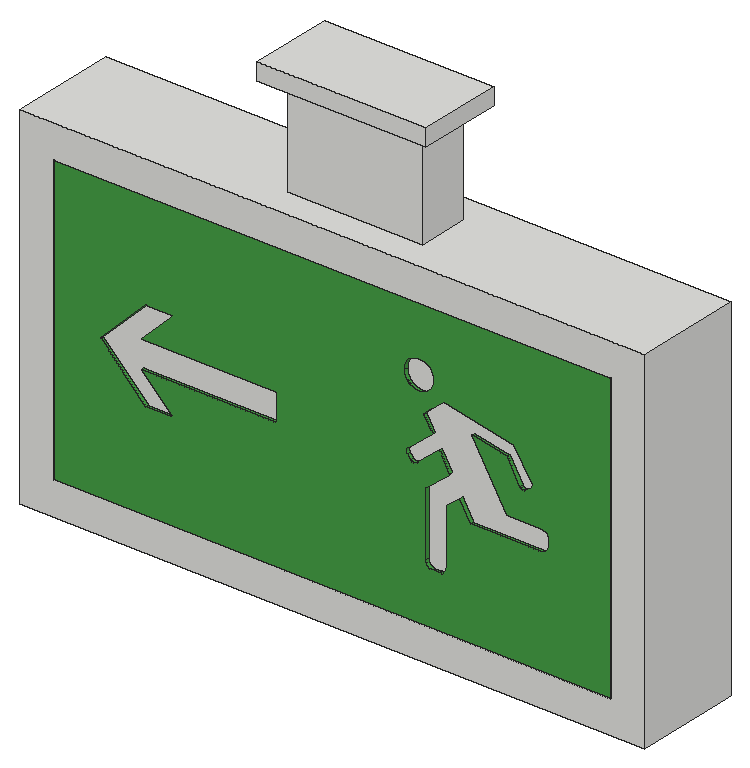
Revit family "T93061A Kubus65 M LED 32m 2-s stål Alog_Tak", category Lighting Fixtures, Revit 2016
Family settings
  Part Type = Normal
  Round Connector Dimension = Use Diameter
  OmniClass Number = 23.80.70.11.21
  OmniClass Title = Emergency Lighting
  Work Plane-Based = No
  Always vertical = Yes
  Cut with Voids When Loaded = No
  Light Source = Yes
  Shared = No
  Room Calculation Point = No
Parameters (values of type "MarkeringsLys (Venstre)")
  Width 1 = 30 mm  # constant formula
  Width = 63.5 mm  # constant formula
  Wattage Comments = "17 W"
  Wattage = 9.2903 W
  built-in parameter 1150110 = 1 (stored number, unit not read)
  Voltage = 230 V
  URL = ""
  Type Comments = "-UN"
  built-in parameter 1114217 = 1 (stored number, unit not read)
  Tilt Angle = 90.00°
  built-in parameter 1150109 = 1 (stored number, unit not read)
  built-in parameter 1150134 = 3
  Symbol Positive Direction [instance] = yes
  Symbol Offset Side [instance] = 0 mm
  Symbol Offset Out [instance] = 0 mm
  built-in parameter 1150113 = 1 (stored number, unit not read)
  Reference Line Out [instance] = 50 mm
  Photometric Web File = "20x42A12.ies"
  Number of Poles = 1
  NS8360 = "4431_WT2"
  Markeringslys normal = no
  Markeringslys ikke normal = yes
  MarkeringsLys Venstre = yes
  MarkeringsLys Opp = no
  MarkeringsLys Ned = no
  MarkeringsLys Høyre = no
  MarkeringsLys 45 Opp mot venstre = no
  MarkeringsLys 45 Opp mot høyre = no
  MarkeringsLys 45 Ned mot venstre = no
  MarkeringsLys 45 Ned mot høyre = no
  MarkeringsLys = yes
  built-in parameter 1150105 = 109.82 (stored number, unit not read)
  Lumens = 1380 lm
  built-in parameter 1150115 = 1 (stored number, unit not read)
  Load Classification [instance] = Other
  Model = ""
  Manufacturer = "Honeywell"
  built-in parameter 1150137 = (empty or 0)
  built-in parameter 1150139 = (empty or 0)
  Length 3 = 80 mm  # constant formula
  Length 1 = Length - 40 mm  # 330 mm
  Length = 370 mm  # constant formula
  LedeLys = no
  built-in parameter 1150112 = 1 (stored number, unit not read)
  built-in parameter 1150114 = 1 (stored number, unit not read)
  Lamp = "1"
  Keynote = "WT2"
  built-in parameter 1150132 = (empty or 0)
  built-in parameter 1150102 = (empty or 0)
  built-in parameter 1150107 = 3200 (stored number, unit not read)
  built-in parameter 1150138 = (empty or 0)
  built-in parameter 1150106 = 1.0982 (stored number, unit not read)
  Height 2 = 70 mm  # constant formula
  Height 1 = Height - 39 mm  # 170 mm
  Height = 209 mm  # constant formula
  Emit from Rectangle Width = Height  # 209 mm
  Emit from Rectangle Length = Length  # 370 mm
  Emit Shape Visible in Rendering = no
  built-in parameter 1150104 = 13.8 (stored number, unit not read)
  Dimming Lamp Color Temperature Shift = <None>
  Description = ""
  Color Filter = 16777215
  Body Material and Colour = Steel
  built-in parameter 1114218 = 1 (stored number, unit not read)
  built-in parameter 1150133 = 10 (stored number, unit not read)
  Assembly Code = "4431"
  Apparent Load = 17 VA
Types (9, lengths in mm): name | NS8360 | Markeringslys normal | Markeringslys ikke normal | MarkeringsLys Venstre | MarkeringsLys Opp | MarkeringsLys Ned | MarkeringsLys Høyre | MarkeringsLys 45 Opp mot venstre | MarkeringsLys 45 Opp mot høyre | MarkeringsLys 45 Ned mot venstre | MarkeringsLys 45 Ned mot høyre | MarkeringsLys | LedeLys | Assembly Code
  LedeLys | "4432_WT2" | yes | no | no | no | no | no | no | no | no | no | no | yes | "4432"
  MarkeringsLys (Ned) | "4431_WT2" | yes | no | no | no | yes | no | no | no | no | no | yes | no | "4431"
  MarkeringsLys (Opp) | "4431_WT2" | yes | no | no | yes | no | no | no | no | no | no | yes | no | "4431"
  MarkeringsLys (45 Ned mot høyre) | "4431_WT2" | yes | no | no | no | no | no | no | no | no | yes | yes | no | "4431"
  MarkeringsLys (45 Ned mot venstre) | "4431_WT2" | no | yes | no | no | no | no | no | no | yes | no | yes | no | "4431"
  MarkeringsLys (45 Opp mot høyre) | "4431_WT2" | yes | no | no | no | no | no | no | yes | no | no | yes | no | "4431"
  MarkeringsLys (45 Opp mot venstre) | "4431_WT2" | no | yes | no | no | no | no | yes | no | no | no | yes | no | "4431"
  MarkeringsLys (Høyre) | "4431_WT2" | yes | no | no | no | no | yes | no | no | no | no | yes | no | "4431"
  MarkeringsLys (Venstre) | "4431_WT2" | no | yes | yes | no | no | no | no | no | no | no | yes | no | "4431"
Reference planes
  plane 1 "Light Source Axis (F/B)": y = 119.961
  plane 2 "Top": z = 83
  plane 3 "Light Source Axis (L/R)": x = 0
  plane 4 "Level": z = 0
  plane 5: x = -185
  plane 6: x = 185
  plane 7: x = -165
  plane 8: x = 165
  plane 9: z = -174.5
  plane 10: z = -70
  plane 11: z = -279
  plane 12: z = -89.5
  plane 13: z = -259.5
  plane 14: y = 151.711
  plane 15: y = 88.211
  plane 16: x = -40
  plane 17: x = 40
  plane 18: y = 134.961
  plane 19: y = 104.961
  plane 20: y = 90.211
  plane 21: y = 149.711
Forms (mm)
  Extrusion 1, solid, material "Steel" <- "Body Material and Colour"
    sketch origin (0, 119.961, -31.25) x (1, 0, 0) y (0, 0, 1)
      loop
        line (-185, -38.75) -> (-185, -247.75) -> (185, -247.75) -> (185, -38.75) -> (-185, -38.75)
      loop
        line (-165, -58.25) -> (-165, -228.25) -> (165, -228.25) -> (165, -58.25) -> (-165, -58.25)
    from -31.75 to 31.75
  Extrusion 2, solid, material "Steel" <- "Body Material and Colour"
    sketch origin (0, 0, 0) x (1, 0, 0) y (0, 1, 0)
      loop
        line (-40, 134.961) -> (-40, 104.961) -> (40, 104.961) -> (40, 134.961) -> (-40, 134.961)
    from 0 to -70
  Extrusion 3, solid, material "Steel" <- "Body Material and Colour"
    sketch origin (0, 0, 0) x (0, 1, 0) y (0, 0, 1)
      loop
        line (149.711, -70) -> (90.211, -70) -> (90.211, -279) -> (149.711, -279) -> (149.711, -70)
    from -185 to 185
  Extrusion 4, solid, material "Steel" <- "Body Material and Colour"
    sketch origin (0, 0, 0) x (1, 0, 0) y (0, 1, 0)
      loop
        line (-50, 144.961) -> (-50, 94.961) -> (50, 94.961) -> (50, 144.961) -> (-50, 144.961)
    from 0 to -10
Cuts and joins
  joined: Extrusion 1, Extrusion 2, Extrusion 3, Extrusion 4
Lines and regions (mm)
  model lines, style "InvisibleLines"
    curve 1: line (0, 119.961, 0) -> (0, 169.961, 0)
  symbolic lines, style "InvisibleLines"
    curve 2: line (0, 119.961, 0) -> (0, 119.961, 50)
Dimensions and locks
  equal spacing: plane 5, plane 3 "Light Source Axis (L/R)", plane 6
  "Length": plane 5 to plane 6
  equal spacing: plane 7, plane 3 "Light Source Axis (L/R)", plane 8
  "Length 1": plane 7 to plane 8
  "Reference Line Out": plane 1 "Light Source Axis (F/B)" to curve 1
  "Height 2": plane 4 "Level" to plane 10
  "Emit from Rectangle Width": plane 10 to plane 11
  equal spacing: plane 10, plane 9, plane 11
  equal spacing: plane 12, plane 9, plane 13
  "Height 1": plane 12 to plane 13
  equal spacing: plane 14, plane 1 "Light Source Axis (F/B)", plane 15
  "Width": plane 14 to plane 15
  equal spacing: plane 16, plane 3 "Light Source Axis (L/R)", plane 17
  "Length 3": plane 16 to plane 17
  equal spacing: plane 18, plane 1 "Light Source Axis (F/B)", plane 19
  "Width 1": plane 18 to plane 19
  locked: Extrusion 4 sketch curve to plane 16 at 10
  locked: plane 17 to Extrusion 4 sketch curve at 10
  locked: plane 19 to Extrusion 4 sketch curve at 10
  locked: plane 18 to Extrusion 4 sketch curve at 10
  aligned and locked: plane 4 "Level" to level
  aligned and locked: plane 3 "Light Source Axis (L/R)" to nested 2
  aligned and locked: plane 1 "Light Source Axis (F/B)" to nested 2
  aligned and locked: Extrusion 1 sketch curve to plane 6
  aligned and locked: plane 5 to Extrusion 1 sketch curve
  aligned and locked: Extrusion 1 sketch curve to plane 7
  aligned and locked: Extrusion 1 sketch curve to plane 8
  aligned and locked: plane 9 to imposter light
  aligned and locked: imposter light to plane 3 "Light Source Axis (L/R)"
  aligned and locked: plane 1 "Light Source Axis (F/B)" to curve 1
  aligned and locked: plane 3 "Light Source Axis (L/R)" to curve 1
  aligned and locked: Extrusion 2 to plane 10
  aligned and locked: Extrusion 1 to plane 11
  aligned and locked: plane 10 to Extrusion 1
  aligned and locked: nested 1 to plane 3 "Light Source Axis (L/R)"
  aligned and locked: Extrusion 1 to Extrusion 3 sketch curve
  aligned and locked: plane 3 "Light Source Axis (L/R)" to nested 4
  aligned and locked: nested 6 to plane 3 "Light Source Axis (L/R)"
  aligned and locked: nested 6 to plane 9
  aligned and locked: plane 3 "Light Source Axis (L/R)" to nested 5
  aligned and locked: plane 9 to nested 5
  aligned and locked: nested 8 to plane 3 "Light Source Axis (L/R)"
  aligned and locked: nested 8 to plane 9
  aligned and locked: plane 9 to nested 7
  aligned and locked: plane 3 "Light Source Axis (L/R)" to nested 7
  aligned and locked: nested 9 to plane 9
  aligned and locked: nested 9 to plane 3 "Light Source Axis (L/R)"
  aligned and locked: plane 9 to nested 4
  aligned and locked: plane 3 "Light Source Axis (L/R)" to nested 3
  aligned and locked: plane 9 to nested 3
  aligned and locked: plane 9 to nested 10
  aligned and locked: plane 3 "Light Source Axis (L/R)" to nested 10
  aligned and locked: nested 11 to plane 3 "Light Source Axis (L/R)"
  aligned and locked: nested 11 to plane 9
  aligned and locked: plane 9 to nested 12
  aligned and locked: nested 13 to plane 9
  aligned and locked: plane 3 "Light Source Axis (L/R)" to nested 12
  aligned and locked: nested 13 to plane 3 "Light Source Axis (L/R)"
  aligned and locked: nested 15 to plane 9
  aligned and locked: plane 9 to nested 14
  aligned and locked: plane 3 "Light Source Axis (L/R)" to nested 14
  aligned and locked: nested 15 to plane 3 "Light Source Axis (L/R)"
  aligned and locked: plane 3 "Light Source Axis (L/R)" to nested 16
  aligned and locked: nested 17 to plane 3 "Light Source Axis (L/R)"
  aligned and locked: nested 17 to plane 9
  aligned and locked: plane 9 to nested 16
  aligned and locked: plane 17 to Extrusion 2
  aligned and locked: Extrusion 2 to plane 16
  aligned and locked: plane 18 to Extrusion 2
  aligned and locked: Extrusion 2 to plane 19
  aligned and locked: plane 14 to cut or joined group of Extrusion 1, Extrusion 2, Extrusion 3, Extrusion 4
  aligned and locked: nested 16 to plane 15
  aligned and locked: nested 17 to plane 14
  aligned and locked: Extrusion 1 sketch curve to plane 12
  aligned and locked: Extrusion 1 sketch curve to plane 13
  aligned and locked: cut or joined group of Extrusion 1, Extrusion 2, Extrusion 3, Extrusion 4 to plane 15
  aligned and locked: cut or joined group of Extrusion 1, Extrusion 2, Extrusion 3, Extrusion 4 to plane 20
  aligned and locked: plane 21 to cut or joined group of Extrusion 1, Extrusion 2, Extrusion 3, Extrusion 4
  aligned and locked: imposter light to plane 14
  aligned and locked: nested 11 to plane 14
  aligned and locked: nested 10 to plane 15
  aligned and locked: nested 13 to plane 14
  aligned and locked: nested 12 to plane 15
  aligned and locked: nested 8 to plane 14
  aligned and locked: nested 5 to plane 15
  aligned and locked: nested 15 to plane 14
  aligned and locked: nested 14 to plane 15
  aligned and locked: nested 9 to plane 14
  aligned and locked: nested 7 to plane 15
  aligned and locked: nested 1 to plane 14
  aligned and locked: nested 3 to plane 15
  aligned and locked: nested 6 to plane 14
  aligned and locked: nested 4 to plane 15
  aligned and locked: level to curve 2
  aligned and locked: curve 2 to plane 3 "Light Source Axis (L/R)"
  aligned and locked: plane 3 "Light Source Axis (L/R)" to nested 18
  aligned and locked: plane 1 "Light Source Axis (F/B)" to nested 18
Automatic sketch dimensions
  Extrusion 1 sketch curve to plane 11 = 0 mm
  Extrusion 1 sketch curve to plane 10 = 0 mm
  Extrusion 2 sketch curve to plane 3 "Light Source Axis (L/R)" = 40 mm
  plane 3 "Light Source Axis (L/R)" to Extrusion 2 sketch curve = 40 mm
  Extrusion 2 sketch curve to plane 14 = 16.75 mm
  plane 15 to Extrusion 2 sketch curve = 16.75 mm
  Extrusion 3 sketch curve to plane 11 = 0 mm
  plane 1 "Light Source Axis (F/B)" to Extrusion 3 sketch curve = 29.75 mm
  Extrusion 3 sketch curve to plane 1 "Light Source Axis (F/B)" = 29.75 mm
  plane 2 "Top" to curve 2 = 33 mm
Nested families
  nested 1: "Formula 65_ned" at (0, 149.711, -174.5), type "Formula 65"
  nested 2: "LedelysS" at (0, 119.961, 0), visible <- "LedeLys", type "Type 1"
  nested 3: "Formula 65_ned" at (0, 90.211, -174.5), visible <- "MarkeringsLys Ned", type "Formula 65"
  nested 4: "Formula 65_opp" at (0, 90.211, -174.5), visible <- "MarkeringsLys Opp", type "Formula 65"
  nested 5: "Formula 65_skrått 45 grader ned mot venstre" at (0, 90.211, -174.5), type "Formula 65"
  nested 6: "Formula 65_opp" at (0, 149.711, -174.5), type "Formula 65"
  nested 7: "Formula 65_skrått 45 grader opp mot venstre" at (0, 90.211, -174.5), type "Formula 65"
  nested 8: "Formula 65_skrått 45 grader ned mot venstre" at (0, 149.711, -174.5), type "Formula 65"
  nested 9: "Formula 65_skrått 45 grader opp mot venstre" at (0, 149.711, -174.5), type "Formula 65"
  nested 10: "Formula 65_høyre" at (0, 90.211, -174.5), type "Formula 65"
  nested 11: "Formula 65_høyre" at (0, 149.711, -174.5), type "Formula 65"
  nested 12: "Formula 65_skrått 45 grader ned mot høyre" at (0, 90.211, -174.5), type "Formula 65"
  nested 13: "Formula 65_skrått 45 grader ned mot høyre" at (0, 149.711, -174.5), type "Formula 65"
  nested 14: "Formula 65_skrått 45 grader opp mot høyre" at (0, 90.211, -174.5), type "Formula 65"
  nested 15: "Formula 65_skrått 45 grader opp mot høyre" at (0, 149.711, -174.5), type "Formula 65"
  nested 16: "Formula 65_venstre" at (0, 90.211, -174.5), type "Formula 65"
  nested 17: "Formula 65_venstre" at (0, 149.711, -174.5), type "Formula 65"
  nested 18: "MarkeringslysDobbelS" at (0, 119.961, 0), visible <- "MarkeringsLys", type "Type 1"
    with Venstre yes, Opp no, Normal no, Ikke normal yes
Connectors
  electrical at (0, 119.961, 0), driven by "Number of Poles", driven by "Load Classification", driven by "Voltage", driven by "Apparent Load"
    settings: index 1, voltage 230 V, apparent load 0 VA, apparent load phase1 17 VA, apparent load phase2 0 VA, apparent load phase3 0 VA, power factor 1, load classification "Other", number of poles 1, system type 31, power factor state 1, is connector primary yes, connector utility no, sub classification motor no, connector description ""
Definition of nested family "Formula 65_venstre"
  Parameters (values of type "Formula 65")
    Venstre = yes
    L = 205 mm
    H = 135 mm
  Reference planes
    plane 1 "Center (Front/Back)": y = 0
    plane 2: z = 0
    plane 3 "Center (Left/Right)": x = 0
    plane 4: y = -2
  Forms (mm)
    Extrusion 1, solid, visible <- "Venstre"
      sketch origin (453.48, 0, -265.275) x (1, 0, 0) y (0, 0, 1)
        loop
          line (-288.48, 350.275) -> (-618.48, 350.275) -> (-618.48, 180.275) -> (-288.48, 180.275) -> (-288.48, 350.275)
        loop
          circle (-401.951, 312.164) r 8.743
        loop
          line (-394.79, 296.785) -> (-399.349, 292.225) -> (-394.237, 283.371) -> (-408.754, 271.19)
          arc (-408.754, 271.19) -> (-409.61, 269.546) -> (-409.052, 267.778) r 2.422
          line (-409.052, 267.778) -> (-406.977, 265.304)
          arc (-406.977, 265.304) -> (-405.333, 264.448) -> (-403.565, 265.006) r 2.422
          line (-403.565, 265.006) -> (-390.139, 276.272) -> (-383.991, 265.623) -> (-398.093, 253.79) -> (-398.093, 215.253)
          arc (-398.093, 215.253) -> (-396.911, 212.399) -> (-394.056, 211.217) r 4.036
          line (-394.056, 211.217) -> (-390.02, 211.217)
          arc (-390.02, 211.217) -> (-387.166, 212.399) -> (-385.984, 215.253) r 4.036
          line (-385.984, 215.253) -> (-385.984, 248.144) -> (-377.843, 254.975) -> (-371.394, 243.805) -> (-329.475, 243.805)
          arc (-329.475, 243.805) -> (-326.621, 244.987) -> (-325.439, 247.841) r 4.036
          line (-325.439, 247.841) -> (-325.439, 251.878)
          arc (-325.439, 251.878) -> (-326.621, 254.732) -> (-329.475, 255.914) r 4.036
          line (-329.475, 255.914) -> (-350.421, 255.914) -> (-370.749, 291.125) -> (-349.745, 287.035) -> (-342.179, 273.93)
          arc (-342.179, 273.93) -> (-340.647, 272.786) -> (-338.763, 273.11) r 2.422
          line (-338.763, 273.11) -> (-335.966, 274.927)
          arc (-335.966, 274.927) -> (-334.916, 276.454) -> (-335.254, 278.277) r 2.422
          line (-335.254, 278.277) -> (-345.781, 294.487) -> (-387.782, 302.665) -> (-394.79, 296.785)
        loop
          line (-563.943, 292.337) -> (-591.005, 265.275) -> (-563.943, 238.213) -> (-547.706, 238.213) -> (-566.649, 257.156) -> (-486.505, 257.156) -> (-486.505, 273.393) -> (-566.649, 273.393) -> (-547.706, 292.337) -> (-563.943, 292.337)
      from 0 to 2
  Dimensions and locks
    aligned and locked: level to plane 2
Definition of nested family "Formula 65_ned"
  Parameters (values of type "Formula 65")
    Ned = no
    L = 205 mm
    H = 135 mm
  Reference planes
    plane 1 "Center (Front/Back)": y = 0
    plane 2: z = 0
    plane 3 "Center (Left/Right)": x = 0
    plane 4: y = -2
  Forms (mm)
    Extrusion 1, solid, visible <- "Ned"
      sketch origin (453.48, 0, -265.275) x (1, 0, 0) y (0, 0, 1)
        loop
          line (-288.48, 350.275) -> (-618.48, 350.275) -> (-618.48, 180.275) -> (-288.48, 180.275) -> (-288.48, 350.275)
        loop
          line (-505.328, 240.087) -> (-505.328, 256.324) -> (-524.271, 237.38) -> (-524.271, 317.525) -> (-540.508, 317.525) -> (-540.508, 237.38) -> (-559.451, 256.324) -> (-559.451, 240.087) -> (-532.389, 213.025) -> (-505.328, 240.087)
        loop
          circle (-416.951, 312.164) r 8.743
        loop
          line (-409.79, 296.785) -> (-414.349, 292.225) -> (-409.237, 283.371) -> (-423.754, 271.19)
          arc (-423.754, 271.19) -> (-424.61, 269.546) -> (-424.052, 267.778) r 2.422
          line (-424.052, 267.778) -> (-421.977, 265.304)
          arc (-421.977, 265.304) -> (-420.333, 264.448) -> (-418.565, 265.006) r 2.422
          line (-418.565, 265.006) -> (-405.139, 276.272) -> (-398.991, 265.623) -> (-413.093, 253.79) -> (-413.093, 215.253)
          arc (-413.093, 215.253) -> (-411.911, 212.399) -> (-409.056, 211.217) r 4.036
          line (-409.056, 211.217) -> (-405.02, 211.217)
          arc (-405.02, 211.217) -> (-402.166, 212.399) -> (-400.984, 215.253) r 4.036
          line (-400.984, 215.253) -> (-400.984, 248.144) -> (-392.843, 254.975) -> (-386.394, 243.805) -> (-344.475, 243.805)
          arc (-344.475, 243.805) -> (-341.621, 244.987) -> (-340.439, 247.841) r 4.036
          line (-340.439, 247.841) -> (-340.439, 251.878)
          arc (-340.439, 251.878) -> (-341.621, 254.732) -> (-344.475, 255.914) r 4.036
          line (-344.475, 255.914) -> (-365.421, 255.914) -> (-385.749, 291.125) -> (-364.745, 287.035) -> (-357.179, 273.93)
          arc (-357.179, 273.93) -> (-355.647, 272.786) -> (-353.763, 273.11) r 2.422
          line (-353.763, 273.11) -> (-350.966, 274.927)
          arc (-350.966, 274.927) -> (-349.916, 276.454) -> (-350.254, 278.277) r 2.422
          line (-350.254, 278.277) -> (-360.781, 294.487) -> (-402.782, 302.665) -> (-409.79, 296.785)
      from 0 to 2
  Dimensions and locks
    aligned and locked: level to plane 2
Definition of nested family "LedelysS"
  Parameters
    CQ Symbol Positive Direction = yes
    CQ Symbol Negative Direction = not(CQ Symbol Positive Direction)  # no
    CQ Symbol Offset Side = 0 mm
    CQ Symbol Offset Out = 0 mm
  Reference planes
    plane 1: y = 0
    plane 2: x = 0
  Dimensions and locks
    "CQ Symbol Offset Out": plane 1 to nested 1
    "CQ Symbol Offset Out": plane 1 to nested 2
    "CQ Symbol Offset Side": plane 2 to nested 2
    "CQ Symbol Offset Side": nested 1 to plane 2
  Nested families
    nested 1: "LedelysSub" at (0, 0, 0), visible <- "CQ Symbol Negative Direction", type "Type 1"
    nested 2: "LedelysSub" at (0, 0, 0), visible <- "CQ Symbol Positive Direction", type "Type 1"
  Definition of nested family "LedelysSub"
    Reference planes
      plane 1: y = 0
      plane 2: x = 0
    Lines and regions (mm)
      detail lines
        curve 1: line (-4, -2, 0) -> (4, -2, 0)
        curve 2: line (4, -2, 0) -> (4, 2, 0)
        curve 3: line (4, 2, 0) -> (-4, 2, 0)
        curve 4: line (-4, 2, 0) -> (-4, -2, 0)
        curve 5: line (-3.097, -1.25, 0) -> (-0.597, 1.25, 0)
        curve 6: line (-3.097, 1.25, 0) -> (-0.597, -1.25, 0)
        curve 7: circle (-1.847, 0, 0) r 1.2 normal (0, 0, 1)
    Text (mm)
      text "LL" at (2.179, 1.025, 0)
Definition of nested family "Formula 65_opp"
  Parameters (values of type "Formula 65")
    Up = no
    L = 205 mm
    H = 135 mm
  Reference planes
    plane 1 "Center (Front/Back)": y = 0
    plane 2: z = 0
    plane 3 "Center (Left/Right)": x = 0
    plane 4: y = -2
  Forms (mm)
    Extrusion 1, solid, visible <- "Up"
      sketch origin (453.48, 0, -265.275) x (1, 0, 0) y (0, 0, 1)
        loop
          line (-288.48, 350.275) -> (-618.48, 350.275) -> (-618.48, 180.275) -> (-288.48, 180.275) -> (-288.48, 350.275)
        loop
          circle (-406.951, 312.164) r 8.743
        loop
          line (-399.79, 296.785) -> (-404.349, 292.225) -> (-399.237, 283.371) -> (-413.754, 271.19)
          arc (-413.754, 271.19) -> (-414.61, 269.546) -> (-414.052, 267.778) r 2.422
          line (-414.052, 267.778) -> (-411.977, 265.304)
          arc (-411.977, 265.304) -> (-410.333, 264.448) -> (-408.565, 265.006) r 2.422
          line (-408.565, 265.006) -> (-395.139, 276.272) -> (-388.991, 265.623) -> (-403.093, 253.79) -> (-403.093, 215.253)
          arc (-403.093, 215.253) -> (-401.911, 212.399) -> (-399.056, 211.217) r 4.036
          line (-399.056, 211.217) -> (-395.02, 211.217)
          arc (-395.02, 211.217) -> (-392.166, 212.399) -> (-390.984, 215.253) r 4.036
          line (-390.984, 215.253) -> (-390.984, 248.144) -> (-382.843, 254.975) -> (-376.394, 243.805) -> (-334.475, 243.805)
          arc (-334.475, 243.805) -> (-331.621, 244.987) -> (-330.439, 247.841) r 4.036
          line (-330.439, 247.841) -> (-330.439, 251.878)
          arc (-330.439, 251.878) -> (-331.621, 254.732) -> (-334.475, 255.914) r 4.036
          line (-334.475, 255.914) -> (-355.421, 255.914) -> (-375.749, 291.125) -> (-354.745, 287.035) -> (-347.179, 273.93)
          arc (-347.179, 273.93) -> (-345.647, 272.786) -> (-343.763, 273.11) r 2.422
          line (-343.763, 273.11) -> (-340.966, 274.927)
          arc (-340.966, 274.927) -> (-339.916, 276.454) -> (-340.254, 278.277) r 2.422
          line (-340.254, 278.277) -> (-350.781, 294.487) -> (-392.782, 302.665) -> (-399.79, 296.785)
        loop
          line (-505.328, 290.463) -> (-532.389, 317.525) -> (-559.451, 290.463) -> (-559.451, 274.226) -> (-540.508, 293.169) -> (-540.508, 213.025) -> (-524.271, 213.025) -> (-524.271, 293.169) -> (-505.328, 274.226) -> (-505.328, 290.463)
      from 0 to 2
  Dimensions and locks
    aligned and locked: level to plane 2
Definition of nested family "Formula 65_skrått 45 grader ned mot venstre"
  Parameters (values of type "Formula 65")
    L = 205 mm
    H = 135 mm
    45 ned mot venstre = no
  Reference planes
    plane 1 "Center (Front/Back)": y = 0
    plane 2: z = 0
    plane 3 "Center (Left/Right)": x = 0
    plane 4: y = -2
  Forms (mm)
    Extrusion 1, solid, visible <- "45 ned mot venstre"
      sketch origin (453.48, 0, -265.275) x (1, 0, 0) y (0, 0, 1)
        loop
          line (-288.48, 350.275) -> (-618.48, 350.275) -> (-618.48, 180.275) -> (-288.48, 180.275) -> (-288.48, 350.275)
        loop
          circle (-416.951, 312.164) r 8.743
        loop
          line (-409.79, 296.785) -> (-414.349, 292.225) -> (-409.237, 283.371) -> (-423.754, 271.19)
          arc (-423.754, 271.19) -> (-424.61, 269.546) -> (-424.052, 267.778) r 2.422
          line (-424.052, 267.778) -> (-421.977, 265.304)
          arc (-421.977, 265.304) -> (-420.333, 264.448) -> (-418.565, 265.006) r 2.422
          line (-418.565, 265.006) -> (-405.139, 276.272) -> (-398.991, 265.623) -> (-413.093, 253.79) -> (-413.093, 215.253)
          arc (-413.093, 215.253) -> (-411.911, 212.399) -> (-409.056, 211.217) r 4.036
          line (-409.056, 211.217) -> (-405.02, 211.217)
          arc (-405.02, 211.217) -> (-402.166, 212.399) -> (-400.984, 215.253) r 4.036
          line (-400.984, 215.253) -> (-400.984, 248.144) -> (-392.843, 254.975) -> (-386.394, 243.805) -> (-344.475, 243.805)
          arc (-344.475, 243.805) -> (-341.621, 244.987) -> (-340.439, 247.841) r 4.036
          line (-340.439, 247.841) -> (-340.439, 251.878)
          arc (-340.439, 251.878) -> (-341.621, 254.732) -> (-344.475, 255.914) r 4.036
          line (-344.475, 255.914) -> (-365.421, 255.914) -> (-385.749, 291.125) -> (-364.745, 287.035) -> (-357.179, 273.93)
          arc (-357.179, 273.93) -> (-355.647, 272.786) -> (-353.763, 273.11) r 2.422
          line (-353.763, 273.11) -> (-350.966, 274.927)
          arc (-350.966, 274.927) -> (-349.916, 276.454) -> (-350.254, 278.277) r 2.422
          line (-350.254, 278.277) -> (-360.781, 294.487) -> (-402.782, 302.665) -> (-409.79, 296.785)
        loop
          line (-588.076, 266.6) -> (-588.076, 228.328) -> (-549.805, 228.328) -> (-538.323, 239.81) -> (-565.113, 239.81) -> (-508.443, 296.48) -> (-519.924, 307.962) -> (-576.595, 251.291) -> (-576.595, 278.081) -> (-588.076, 266.6)
      from 0 to 2
  Dimensions and locks
    aligned and locked: level to plane 2
Definition of nested family "Formula 65_skrått 45 grader opp mot venstre"
  Parameters (values of type "Formula 65")
    L = 205 mm
    H = 135 mm
    45 opp mot venstre = no
  Reference planes
    plane 1 "Center (Front/Back)": y = 0
    plane 2: z = 0
    plane 3 "Center (Left/Right)": x = 0
    plane 4: y = -2
  Forms (mm)
    Extrusion 1, solid, visible <- "45 opp mot venstre"
      sketch origin (453.48, 0, -265.275) x (1, 0, 0) y (0, 0, 1)
        loop
          line (-288.48, 350.275) -> (-618.48, 350.275) -> (-618.48, 180.275) -> (-288.48, 180.275) -> (-288.48, 350.275)
        loop
          circle (-420.272, 307.901) r 7.948
        loop
          line (-413.762, 293.92) -> (-417.907, 289.775) -> (-413.259, 281.726) -> (-426.456, 270.652)
          arc (-426.456, 270.652) -> (-427.234, 269.157) -> (-426.728, 267.55) r 2.202
          line (-426.728, 267.55) -> (-424.841, 265.302)
          arc (-424.841, 265.302) -> (-423.346, 264.524) -> (-421.739, 265.03) r 2.202
          line (-421.739, 265.03) -> (-409.533, 275.272) -> (-403.944, 265.592) -> (-416.764, 254.834) -> (-416.764, 219.801)
          arc (-416.764, 219.801) -> (-415.69, 217.206) -> (-413.095, 216.131) r 3.669
          line (-413.095, 216.131) -> (-409.425, 216.131)
          arc (-409.425, 216.131) -> (-406.831, 217.206) -> (-405.756, 219.801) r 3.669
          line (-405.756, 219.801) -> (-405.756, 249.701) -> (-398.355, 255.911) -> (-392.493, 245.757) -> (-354.384, 245.757)
          arc (-354.384, 245.757) -> (-351.79, 246.832) -> (-350.715, 249.426) r 3.669
          line (-350.715, 249.426) -> (-350.715, 253.096)
          arc (-350.715, 253.096) -> (-351.79, 255.69) -> (-354.384, 256.765) r 3.669
          line (-354.384, 256.765) -> (-373.426, 256.765) -> (-391.907, 288.775) -> (-372.812, 285.056) -> (-365.934, 273.144)
          arc (-365.934, 273.144) -> (-364.541, 272.104) -> (-362.828, 272.398) r 2.202
          line (-362.828, 272.398) -> (-360.285, 274.049)
          arc (-360.285, 274.049) -> (-359.331, 275.438) -> (-359.638, 277.095) r 2.202
          line (-359.638, 277.095) -> (-369.208, 291.831) -> (-407.391, 299.266) -> (-413.762, 293.92)
        loop
          line (-575.84, 264.07) -> (-565.402, 253.633) -> (-565.402, 277.987) -> (-513.883, 226.468) -> (-503.446, 236.906) -> (-554.965, 288.425) -> (-530.61, 288.425) -> (-541.048, 298.862) -> (-575.84, 298.862) -> (-575.84, 264.07)
      from 0 to 2
  Dimensions and locks
    aligned and locked: level to plane 2
Definition of nested family "Formula 65_høyre"
  Parameters (values of type "Formula 65")
    L = 205 mm
    Høyre = no
    H = 135 mm
  Reference planes
    plane 1 "Center (Front/Back)": y = 0
    plane 2: z = 0
    plane 3 "Center (Left/Right)": x = 0
    plane 4: y = -2
  Forms (mm)
    Extrusion 1, solid, visible <- "Høyre"
      sketch origin (453.48, 0, -265.275) x (1, 0, 0) y (0, 0, 1)
        loop
          line (-288.48, 350.275) -> (-618.48, 350.275) -> (-618.48, 180.275) -> (-288.48, 180.275) -> (-288.48, 350.275)
        loop
          circle (-490.008, 312.164) r 8.743
        loop
          line (-497.169, 296.785) -> (-504.177, 302.665) -> (-546.178, 294.487) -> (-556.705, 278.277)
          arc (-556.705, 278.277) -> (-557.043, 276.454) -> (-555.993, 274.927) r 2.422
          line (-555.993, 274.927) -> (-553.196, 273.11)
          arc (-553.196, 273.11) -> (-551.312, 272.786) -> (-549.78, 273.93) r 2.422
          line (-549.78, 273.93) -> (-542.214, 287.035) -> (-521.21, 291.125) -> (-541.539, 255.914) -> (-562.484, 255.914)
          arc (-562.484, 255.914) -> (-565.338, 254.732) -> (-566.52, 251.878) r 4.036
          line (-566.52, 251.878) -> (-566.52, 247.841)
          arc (-566.52, 247.841) -> (-565.338, 244.987) -> (-562.484, 243.805) r 4.036
          line (-562.484, 243.805) -> (-520.565, 243.805) -> (-514.116, 254.975) -> (-505.975, 248.144) -> (-505.975, 215.253)
          arc (-505.975, 215.253) -> (-504.793, 212.399) -> (-501.939, 211.217) r 4.036
          line (-501.939, 211.217) -> (-497.903, 211.217)
          arc (-497.903, 211.217) -> (-495.049, 212.399) -> (-493.866, 215.253) r 4.036
          line (-493.866, 215.253) -> (-493.866, 253.79) -> (-507.968, 265.623) -> (-501.82, 276.272) -> (-488.394, 265.006)
          arc (-488.394, 265.006) -> (-486.627, 264.448) -> (-484.982, 265.304) r 2.422
          line (-484.982, 265.304) -> (-482.907, 267.778)
          arc (-482.907, 267.778) -> (-482.349, 269.546) -> (-483.205, 271.19) r 2.422
          line (-483.205, 271.19) -> (-497.722, 283.371) -> (-492.61, 292.225) -> (-497.169, 296.785)
        loop
          line (-343.016, 292.337) -> (-359.253, 292.337) -> (-340.31, 273.393) -> (-420.455, 273.393) -> (-420.455, 257.156) -> (-340.31, 257.156) -> (-359.253, 238.213) -> (-343.016, 238.213) -> (-315.955, 265.275) -> (-343.016, 292.337)
      from 0 to 2
  Dimensions and locks
    aligned and locked: level to plane 2
Definition of nested family "Formula 65_skrått 45 grader ned mot høyre"
  Parameters (values of type "Formula 65")
    L = 205 mm
    H = 135 mm
    45 ned mot høyre = no
  Reference planes
    plane 1 "Center (Front/Back)": y = 0
    plane 2: z = 0
    plane 3 "Center (Left/Right)": x = 0
    plane 4: y = -2
  Forms (mm)
    Extrusion 1, solid, visible <- "45 ned mot høyre"
      sketch origin (453.48, 0, -265.275) x (1, 0, 0) y (0, 0, 1)
        loop
          line (-288.48, 350.275) -> (-618.48, 350.275) -> (-618.48, 180.275) -> (-288.48, 180.275) -> (-288.48, 350.275)
        loop
          circle (-490.008, 312.164) r 8.743
        loop
          line (-497.169, 296.785) -> (-504.177, 302.665) -> (-546.178, 294.487) -> (-556.705, 278.277)
          arc (-556.705, 278.277) -> (-557.043, 276.454) -> (-555.993, 274.927) r 2.422
          line (-555.993, 274.927) -> (-553.196, 273.11)
          arc (-553.196, 273.11) -> (-551.312, 272.786) -> (-549.78, 273.93) r 2.422
          line (-549.78, 273.93) -> (-542.214, 287.035) -> (-521.21, 291.125) -> (-541.539, 255.914) -> (-562.484, 255.914)
          arc (-562.484, 255.914) -> (-565.338, 254.732) -> (-566.52, 251.878) r 4.036
          line (-566.52, 251.878) -> (-566.52, 247.841)
          arc (-566.52, 247.841) -> (-565.338, 244.987) -> (-562.484, 243.805) r 4.036
          line (-562.484, 243.805) -> (-520.565, 243.805) -> (-514.116, 254.975) -> (-505.975, 248.144) -> (-505.975, 215.253)
          arc (-505.975, 215.253) -> (-504.793, 212.399) -> (-501.939, 211.217) r 4.036
          line (-501.939, 211.217) -> (-497.903, 211.217)
          arc (-497.903, 211.217) -> (-495.049, 212.399) -> (-493.866, 215.253) r 4.036
          line (-493.866, 215.253) -> (-493.866, 253.79) -> (-507.968, 265.623) -> (-501.82, 276.272) -> (-488.394, 265.006)
          arc (-488.394, 265.006) -> (-486.627, 264.448) -> (-484.982, 265.304) r 2.422
          line (-484.982, 265.304) -> (-482.907, 267.778)
          arc (-482.907, 267.778) -> (-482.349, 269.546) -> (-483.205, 271.19) r 2.422
          line (-483.205, 271.19) -> (-497.722, 283.371) -> (-492.61, 292.225) -> (-497.169, 296.785)
        loop
          line (-324.383, 266.6) -> (-335.865, 278.081) -> (-335.865, 251.291) -> (-392.535, 307.962) -> (-404.017, 296.48) -> (-347.346, 239.81) -> (-374.136, 239.81) -> (-362.654, 228.328) -> (-324.383, 228.328) -> (-324.383, 266.6)
      from 0 to 2
  Dimensions and locks
    aligned and locked: level to plane 2
Definition of nested family "Formula 65_skrått 45 grader opp mot høyre"
  Parameters (values of type "Formula 65")
    L = 205 mm
    H = 135 mm
    45 grader opp mot høyre = no
  Reference planes
    plane 1 "Center (Front/Back)": y = 0
    plane 2: z = 0
    plane 3 "Center (Left/Right)": x = 0
    plane 4: y = -2
  Forms (mm)
    Extrusion 1, solid, visible <- "45 grader opp mot høyre"
      sketch origin (453.48, 0, -265.275) x (1, 0, 0) y (0, 0, 1)
        loop
          line (-288.48, 350.275) -> (-618.48, 350.275) -> (-618.48, 180.275) -> (-288.48, 180.275) -> (-288.48, 350.275)
        loop
          circle (-505.008, 312.164) r 8.743
        loop
          line (-512.169, 296.785) -> (-519.177, 302.665) -> (-561.178, 294.487) -> (-571.705, 278.277)
          arc (-571.705, 278.277) -> (-572.043, 276.454) -> (-570.993, 274.927) r 2.422
          line (-570.993, 274.927) -> (-568.196, 273.11)
          arc (-568.196, 273.11) -> (-566.312, 272.786) -> (-564.78, 273.93) r 2.422
          line (-564.78, 273.93) -> (-557.214, 287.035) -> (-536.21, 291.125) -> (-556.539, 255.914) -> (-577.484, 255.914)
          arc (-577.484, 255.914) -> (-580.338, 254.732) -> (-581.52, 251.878) r 4.036
          line (-581.52, 251.878) -> (-581.52, 247.841)
          arc (-581.52, 247.841) -> (-580.338, 244.987) -> (-577.484, 243.805) r 4.036
          line (-577.484, 243.805) -> (-535.565, 243.805) -> (-529.116, 254.975) -> (-520.975, 248.144) -> (-520.975, 215.253)
          arc (-520.975, 215.253) -> (-519.793, 212.399) -> (-516.939, 211.217) r 4.036
          line (-516.939, 211.217) -> (-512.903, 211.217)
          arc (-512.903, 211.217) -> (-510.049, 212.399) -> (-508.866, 215.253) r 4.036
          line (-508.866, 215.253) -> (-508.866, 253.79) -> (-522.968, 265.623) -> (-516.82, 276.272) -> (-503.394, 265.006)
          arc (-503.394, 265.006) -> (-501.627, 264.448) -> (-499.982, 265.304) r 2.422
          line (-499.982, 265.304) -> (-497.907, 267.778)
          arc (-497.907, 267.778) -> (-497.349, 269.546) -> (-498.205, 271.19) r 2.422
          line (-498.205, 271.19) -> (-512.722, 283.371) -> (-507.61, 292.225) -> (-512.169, 296.785)
        loop
          line (-324.383, 263.95) -> (-324.383, 302.221) -> (-362.654, 302.221) -> (-374.136, 290.74) -> (-347.346, 290.74) -> (-404.017, 234.069) -> (-392.535, 222.588) -> (-335.865, 279.258) -> (-335.865, 252.469) -> (-324.383, 263.95)
      from 0 to 2
  Dimensions and locks
    aligned and locked: level to plane 2
Definition of nested family "MarkeringslysDobbelS"
  Parameters (values of type "Type 1")
    Venstre opp 45 = no
    Venstre ned 45 = no
    Venstre = no
    Opp = yes
    Normal = yes
    Ned = no
    Ikke normal = no
    Høyre opp 45 = no
    Høyre ned 45 = no
    Høyre = no
    CQ Symbol Positive Direction = yes
    CQ Symbol Negative Direction = not(CQ Symbol Positive Direction)  # no
    CQ Symbol Offset Side = 0 mm
    CQ Symbol Offset Out = 0 mm
  Reference planes
    plane 1: y = 0
    plane 2: x = 0
  Dimensions and locks
    "CQ Symbol Offset Out": plane 1 to nested 1
    "CQ Symbol Offset Out": plane 1 to nested 2
    "CQ Symbol Offset Side": plane 2 to nested 2
    "CQ Symbol Offset Side": nested 1 to plane 2
  Nested families
    nested 1: "Markeringslys dobbel" at (0, 0, 0), visible <- "CQ Symbol Negative Direction", type "Type 1"
    nested 2: "Markeringslys dobbel" at (0, 0, 0), visible <- "CQ Symbol Positive Direction", type "Type 1"
  Definition of nested family "Markeringslys dobbel"
    Parameters (values of type "Type 1")
      Venstre opp 45 = no
      Venstre ned 45 = no
      Venstre = no
      Opp = yes
      Normal = yes
      Ned = no
      Ikke normal = no
      Høyre opp 45 = no
      Høyre ned 45 = no
      Høyre = no
    Reference planes
      plane 1: y = 0
      plane 2: x = 0
    Lines and regions (mm)
      detail lines
        curve 1: line (4, -4, 0) -> (-4, -4, 0)
        curve 2: line (-4, -4, 0) -> (-4, 0, 0)
        curve 3: line (-4, 0, 0) -> (4, 0, 0)
        curve 4: line (4, 0, 0) -> (4, -4, 0)
        curve 45: line (-4, 4, 0) -> (4, 4, 0)
        curve 46: line (4, 4, 0) -> (4, 0, 0)
        curve 47: line (4, 0, 0) -> (-4, 0, 0)
        curve 48: line (-4, 0, 0) -> (-4, 4, 0)
        curve 58: circle (1.212, 0.614, 0) r 0.3 normal (0, 0, -1)
      detail lines, visible <- "Ned"
        curve 5: line (2.346, -0.5, 0) -> (1.646, -0.5, 0)
        curve 6: line (2.346, -0.5, 0) -> (2.346, -2.584, 0)
        curve 7: line (1.646, -0.5, 0) -> (1.646, -2.584, 0)
        curve 8: line (1.996, -3.5, 0) -> (2.996, -2.5, 0)
        curve 9: line (2.996, -2.5, 0) -> (2.996, -1.934, 0)
        curve 10: line (2.996, -1.934, 0) -> (2.346, -2.584, 0)
        curve 11: line (1.996, -3.5, 0) -> (0.996, -2.5, 0)
        curve 12: line (0.996, -2.5, 0) -> (0.996, -1.934, 0)
        curve 13: line (0.996, -1.934, 0) -> (1.646, -2.584, 0)
        curve 49: line (-2.346, 0.5, 0) -> (-1.646, 0.5, 0)
        curve 50: line (-2.346, 0.5, 0) -> (-2.346, 2.584, 0)
        curve 51: line (-1.646, 0.5, 0) -> (-1.646, 2.584, 0)
        curve 52: line (-1.996, 3.5, 0) -> (-2.996, 2.5, 0)
        curve 53: line (-2.996, 2.5, 0) -> (-2.996, 1.934, 0)
        curve 54: line (-2.996, 1.934, 0) -> (-2.346, 2.584, 0)
        curve 55: line (-1.996, 3.5, 0) -> (-0.996, 2.5, 0)
        curve 56: line (-0.996, 2.5, 0) -> (-0.996, 1.934, 0)
        curve 57: line (-0.996, 1.934, 0) -> (-1.646, 2.584, 0)
      detail lines, visible <- "Normal"
        curve 14: circle (-1.212, -0.614, 0) r 0.3 normal (0, 0, -1)
        curve 15: line (-0.986, -3.7, 0) -> (-1.395, -3.7, 0)
        curve 16: line (-0.986, -3.7, 0) -> (-1.823, -2.308, 0)
        curve 17: line (-1.823, -2.308, 0) -> (-1.461, -1.495, 0)
        curve 18: line (-1.069, -2.147, 0) -> (-1.461, -1.495, 0)
        curve 19: line (-1.069, -2.147, 0) -> (-0.487, -2.147, 0)
        curve 20: line (-0.487, -2.147, 0) -> (-0.487, -1.847, 0)
        curve 21: line (-0.487, -1.847, 0) -> (-0.899, -1.847, 0)
        curve 22: line (-0.899, -1.847, 0) -> (-1.307, -1.169, 0)
        curve 23: line (-1.395, -3.7, 0) -> (-2.104, -2.518, 0)
        curve 24: line (-1.307, -1.169, 0) -> (-1.753, -0.97, 0)
        curve 25: line (-1.753, -0.97, 0) -> (-2.625, -0.97, 0)
        curve 26: line (-2.625, -0.97, 0) -> (-2.99, -1.627, 0)
        curve 27: line (-2.99, -1.627, 0) -> (-2.769, -1.848, 0)
        curve 28: line (-2.769, -1.848, 0) -> (-2.457, -1.285, 0)
        curve 29: line (-2.104, -2.518, 0) -> (-2.259, -3.229, 0)
        curve 30: line (-2.259, -3.229, 0) -> (-3.557, -3.229, 0)
        curve 31: line (-3.557, -3.229, 0) -> (-3.457, -2.879, 0)
        curve 32: line (-3.457, -2.879, 0) -> (-2.541, -2.879, 0)
        curve 33: line (-2.541, -2.879, 0) -> (-2.4, -2.23, 0)
        curve 34: line (-2.4, -2.23, 0) -> (-2.021, -1.38, 0)
        curve 35: line (-2.021, -1.38, 0) -> (-2.457, -1.285, 0)
        curve 59: line (0.986, 3.7, 0) -> (1.395, 3.7, 0)
        curve 60: line (0.986, 3.7, 0) -> (1.823, 2.308, 0)
        curve 61: line (1.823, 2.308, 0) -> (1.461, 1.495, 0)
        curve 62: line (1.069, 2.147, 0) -> (1.461, 1.495, 0)
        curve 63: line (1.069, 2.147, 0) -> (0.487, 2.147, 0)
        curve 64: line (0.487, 2.147, 0) -> (0.487, 1.847, 0)
        curve 65: line (0.487, 1.847, 0) -> (0.899, 1.847, 0)
        curve 66: line (0.899, 1.847, 0) -> (1.307, 1.169, 0)
        curve 67: line (1.395, 3.7, 0) -> (2.104, 2.518, 0)
        curve 68: line (1.307, 1.169, 0) -> (1.753, 0.97, 0)
        curve 69: line (1.753, 0.97, 0) -> (2.625, 0.97, 0)
        curve 70: line (2.625, 0.97, 0) -> (2.99, 1.627, 0)
        curve 71: line (2.99, 1.627, 0) -> (2.769, 1.848, 0)
        curve 72: line (2.769, 1.848, 0) -> (2.457, 1.285, 0)
        curve 73: line (2.104, 2.518, 0) -> (2.259, 3.229, 0)
        curve 74: line (2.259, 3.229, 0) -> (3.557, 3.229, 0)
        curve 75: line (3.557, 3.229, 0) -> (3.457, 2.879, 0)
        curve 76: line (3.457, 2.879, 0) -> (2.541, 2.879, 0)
        curve 77: line (2.541, 2.879, 0) -> (2.4, 2.23, 0)
        curve 78: line (2.4, 2.23, 0) -> (2.021, 1.38, 0)
        curve 79: line (2.021, 1.38, 0) -> (2.457, 1.285, 0)
      detail lines, visible <- "Opp"
        curve 36: line (1.646, -3.5, 0) -> (2.346, -3.5, 0)
        curve 37: line (1.646, -3.5, 0) -> (1.646, -1.416, 0)
        curve 38: line (2.346, -3.5, 0) -> (2.346, -1.416, 0)
        curve 39: line (1.996, -0.5, 0) -> (0.996, -1.5, 0)
        curve 40: line (0.996, -1.5, 0) -> (0.996, -2.066, 0)
        curve 41: line (0.996, -2.066, 0) -> (1.646, -1.416, 0)
        curve 42: line (1.996, -0.5, 0) -> (2.996, -1.5, 0)
        curve 43: line (2.996, -1.5, 0) -> (2.996, -2.066, 0)
        curve 44: line (2.996, -2.066, 0) -> (2.346, -1.416, 0)
        curve 80: line (-1.646, 3.5, 0) -> (-2.346, 3.5, 0)
        curve 81: line (-1.646, 3.5, 0) -> (-1.646, 1.416, 0)
        curve 82: line (-2.346, 3.5, 0) -> (-2.346, 1.416, 0)
        curve 83: line (-1.996, 0.5, 0) -> (-0.996, 1.5, 0)
        curve 84: line (-0.996, 1.5, 0) -> (-0.996, 2.066, 0)
        curve 85: line (-0.996, 2.066, 0) -> (-1.646, 1.416, 0)
        curve 86: line (-1.996, 0.5, 0) -> (-2.996, 1.5, 0)
        curve 87: line (-2.996, 1.5, 0) -> (-2.996, 2.066, 0)
        curve 88: line (-2.996, 2.066, 0) -> (-2.346, 1.416, 0)
      detail lines, visible <- "Høyre"
        curve 89: line (0.496, -1.65, 0) -> (0.496, -2.35, 0)
        curve 90: line (0.496, -1.65, 0) -> (2.58, -1.65, 0)
        curve 91: line (0.496, -2.35, 0) -> (2.58, -2.35, 0)
        curve 92: line (3.496, -2, 0) -> (2.496, -1, 0)
        curve 93: line (2.496, -1, 0) -> (1.93, -1, 0)
        curve 94: line (1.93, -1, 0) -> (2.58, -1.65, 0)
        curve 95: line (3.496, -2, 0) -> (2.496, -3, 0)
        curve 96: line (2.496, -3, 0) -> (1.93, -3, 0)
        curve 97: line (1.93, -3, 0) -> (2.58, -2.35, 0)
        curve 100: line (-0.496, 1.65, 0) -> (-0.496, 2.35, 0)
        curve 101: line (-0.496, 1.65, 0) -> (-2.58, 1.65, 0)
        curve 102: line (-0.496, 2.35, 0) -> (-2.58, 2.35, 0)
        curve 103: line (-3.496, 2, 0) -> (-2.466, 0.97, 0)
        curve 104: line (-2.496, 1, 0) -> (-1.93, 1, 0)
        curve 105: line (-1.93, 1, 0) -> (-2.58, 1.65, 0)
        curve 106: line (-3.496, 2, 0) -> (-2.496, 3, 0)
        curve 107: line (-2.496, 3, 0) -> (-1.93, 3, 0)
        curve 108: line (-1.93, 3, 0) -> (-2.58, 2.35, 0)
      detail lines, visible <- "Venstre"
        curve 98: line (-1.496, 1, 0) -> (-2.062, 1, 0)
        curve 99: line (-2.062, 1, 0) -> (-1.412, 1.65, 0)
        curve 131: line (-0.409, -1.65, 0) -> (-0.409, -2.35, 0)
        curve 132: line (-0.409, -1.65, 0) -> (-2.493, -1.65, 0)
        curve 133: line (-0.409, -2.35, 0) -> (-2.493, -2.35, 0)
        curve 134: line (-3.409, -2, 0) -> (-2.409, -1, 0)
        curve 135: line (-2.409, -1, 0) -> (-1.843, -1, 0)
        curve 136: line (-1.843, -1, 0) -> (-2.493, -1.65, 0)
        curve 137: line (-3.409, -2, 0) -> (-2.409, -3, 0)
        curve 138: line (-2.409, -3, 0) -> (-1.843, -3, 0)
        curve 139: line (-1.843, -3, 0) -> (-2.493, -2.35, 0)
        curve 162: line (0.409, 1.65, 0) -> (0.409, 2.35, 0)
        curve 163: line (0.409, 1.65, 0) -> (2.493, 1.65, 0)
        curve 164: line (0.409, 2.35, 0) -> (2.493, 2.35, 0)
        curve 165: line (3.409, 2, 0) -> (2.409, 1, 0)
        curve 166: line (2.409, 1, 0) -> (1.843, 1, 0)
        curve 167: line (1.843, 1, 0) -> (2.493, 1.65, 0)
        curve 168: line (3.409, 2, 0) -> (2.409, 3, 0)
        curve 169: line (2.409, 3, 0) -> (1.843, 3, 0)
        curve 170: line (1.843, 3, 0) -> (2.493, 2.35, 0)
      detail lines, visible <- "Ikke normal"
        curve 109: circle (1.299, -0.614, 0) r 0.3 normal (0, 0, 1)
        curve 110: line (1.073, -3.7, 0) -> (1.482, -3.7, 0)
        curve 111: line (1.073, -3.7, 0) -> (1.91, -2.308, 0)
        curve 112: line (1.91, -2.308, 0) -> (1.548, -1.495, 0)
        curve 113: line (1.156, -2.147, 0) -> (1.548, -1.495, 0)
        curve 114: line (1.156, -2.147, 0) -> (0.574, -2.147, 0)
        curve 115: line (0.574, -2.147, 0) -> (0.574, -1.847, 0)
        curve 116: line (0.574, -1.847, 0) -> (0.986, -1.847, 0)
        curve 117: line (0.986, -1.847, 0) -> (1.394, -1.169, 0)
        curve 118: line (1.482, -3.7, 0) -> (2.192, -2.518, 0)
        curve 119: line (1.394, -1.169, 0) -> (1.84, -0.97, 0)
        curve 120: line (1.84, -0.97, 0) -> (2.713, -0.97, 0)
        curve 121: line (2.713, -0.97, 0) -> (3.077, -1.627, 0)
        curve 122: line (3.077, -1.627, 0) -> (2.856, -1.848, 0)
        curve 123: line (2.856, -1.848, 0) -> (2.544, -1.285, 0)
        curve 124: line (2.192, -2.518, 0) -> (2.346, -3.229, 0)
        curve 125: line (2.346, -3.229, 0) -> (3.644, -3.229, 0)
        curve 126: line (3.644, -3.229, 0) -> (3.544, -2.879, 0)
        curve 127: line (3.544, -2.879, 0) -> (2.628, -2.879, 0)
        curve 128: line (2.628, -2.879, 0) -> (2.487, -2.23, 0)
        curve 129: line (2.487, -2.23, 0) -> (2.108, -1.38, 0)
        curve 130: line (2.108, -1.38, 0) -> (2.544, -1.285, 0)
        curve 140: circle (-1.299, 0.614, 0) r 0.3 normal (0, 0, 1)
        curve 141: line (-1.073, 3.7, 0) -> (-1.482, 3.7, 0)
        curve 142: line (-1.073, 3.7, 0) -> (-1.91, 2.308, 0)
        curve 143: line (-1.91, 2.308, 0) -> (-1.548, 1.495, 0)
        curve 144: line (-1.156, 2.147, 0) -> (-1.548, 1.495, 0)
        curve 145: line (-1.156, 2.147, 0) -> (-0.574, 2.147, 0)
        curve 146: line (-0.574, 2.147, 0) -> (-0.574, 1.847, 0)
        curve 147: line (-0.574, 1.847, 0) -> (-0.986, 1.847, 0)
        curve 148: line (-0.986, 1.847, 0) -> (-1.394, 1.169, 0)
        curve 149: line (-1.482, 3.7, 0) -> (-2.192, 2.518, 0)
        curve 150: line (-1.394, 1.169, 0) -> (-1.84, 0.97, 0)
        curve 151: line (-1.84, 0.97, 0) -> (-2.713, 0.97, 0)
        curve 152: line (-2.713, 0.97, 0) -> (-3.077, 1.627, 0)
        curve 153: line (-3.077, 1.627, 0) -> (-2.856, 1.848, 0)
        curve 154: line (-2.856, 1.848, 0) -> (-2.544, 1.285, 0)
        curve 155: line (-2.192, 2.518, 0) -> (-2.346, 3.229, 0)
        curve 156: line (-2.346, 3.229, 0) -> (-3.644, 3.229, 0)
        curve 157: line (-3.644, 3.229, 0) -> (-3.544, 2.879, 0)
        curve 158: line (-3.544, 2.879, 0) -> (-2.628, 2.879, 0)
        curve 159: line (-2.628, 2.879, 0) -> (-2.487, 2.23, 0)
        curve 160: line (-2.487, 2.23, 0) -> (-2.108, 1.38, 0)
        curve 161: line (-2.108, 1.38, 0) -> (-2.544, 1.285, 0)
      detail lines, visible <- "Venstre opp 45"
        curve 171: line (0.601, 2.813, 0) -> (1.096, 3.308, 0)
        curve 172: line (0.601, 2.813, 0) -> (2.075, 1.339, 0)
        curve 173: line (1.096, 3.308, 0) -> (2.57, 1.834, 0)
        curve 174: line (2.97, 0.939, 0) -> (1.556, 0.939, 0)
        curve 175: line (1.556, 0.939, 0) -> (1.156, 1.339, 0)
        curve 176: line (1.156, 1.339, 0) -> (2.075, 1.339, 0)
        curve 177: line (2.97, 0.939, 0) -> (2.97, 2.354, 0)
        curve 178: line (2.97, 2.354, 0) -> (2.57, 2.754, 0)
        curve 179: line (2.57, 2.754, 0) -> (2.57, 1.834, 0)
        curve 189: line (-0.601, -2.813, 0) -> (-1.096, -3.308, 0)
        curve 190: line (-0.601, -2.813, 0) -> (-2.075, -1.339, 0)
        curve 191: line (-1.096, -3.308, 0) -> (-2.57, -1.834, 0)
        curve 192: line (-2.97, -0.939, 0) -> (-1.556, -0.939, 0)
        curve 193: line (-1.556, -0.939, 0) -> (-1.156, -1.339, 0)
        curve 194: line (-1.156, -1.339, 0) -> (-2.075, -1.339, 0)
        curve 195: line (-2.97, -0.939, 0) -> (-2.97, -2.354, 0)
        curve 196: line (-2.97, -2.354, 0) -> (-2.57, -2.754, 0)
        curve 197: line (-2.57, -2.754, 0) -> (-2.57, -1.834, 0)
      detail lines, visible <- "Venstre ned 45"
        curve 180: line (-1.096, -0.939, 0) -> (-0.601, -1.434, 0)
        curve 181: line (-1.096, -0.939, 0) -> (-2.57, -2.413, 0)
        curve 182: line (-0.601, -1.434, 0) -> (-2.075, -2.908, 0)
        curve 183: line (-2.97, -3.308, 0) -> (-2.97, -1.894, 0)
        curve 184: line (-2.97, -1.894, 0) -> (-2.57, -1.494, 0)
        curve 185: line (-2.57, -1.494, 0) -> (-2.57, -2.413, 0)
        curve 186: line (-2.97, -3.308, 0) -> (-1.556, -3.308, 0)
        curve 187: line (-1.556, -3.308, 0) -> (-1.156, -2.908, 0)
        curve 188: line (-1.156, -2.908, 0) -> (-2.075, -2.908, 0)
        curve 198: line (1.096, 0.939, 0) -> (0.601, 1.434, 0)
        curve 199: line (1.096, 0.939, 0) -> (2.57, 2.413, 0)
        curve 200: line (0.601, 1.434, 0) -> (2.075, 2.908, 0)
        curve 201: line (2.97, 3.308, 0) -> (2.97, 1.894, 0)
        curve 202: line (2.97, 1.894, 0) -> (2.57, 1.494, 0)
        curve 203: line (2.57, 1.494, 0) -> (2.57, 2.413, 0)
        curve 204: line (2.97, 3.308, 0) -> (1.556, 3.308, 0)
        curve 205: line (1.556, 3.308, 0) -> (1.156, 2.908, 0)
        curve 206: line (1.156, 2.908, 0) -> (2.075, 2.908, 0)
      detail lines, visible <- "Høyre ned 45"
        curve 207: line (1.18, -0.517, 0) -> (0.685, -1.012, 0)
        curve 208: line (1.18, -0.517, 0) -> (2.654, -1.991, 0)
        curve 209: line (0.685, -1.012, 0) -> (2.159, -2.486, 0)
        curve 210: line (3.054, -2.886, 0) -> (3.054, -1.472, 0)
        curve 211: line (3.054, -1.472, 0) -> (2.654, -1.072, 0)
        curve 212: line (2.654, -1.072, 0) -> (2.654, -1.991, 0)
        curve 213: line (3.054, -2.886, 0) -> (1.64, -2.886, 0)
        curve 214: line (1.64, -2.886, 0) -> (1.24, -2.486, 0)
        curve 215: line (1.24, -2.486, 0) -> (2.159, -2.486, 0)
        curve 225: line (-1.18, 0.517, 0) -> (-0.685, 1.012, 0)
        curve 226: line (-1.18, 0.517, 0) -> (-2.654, 1.991, 0)
        curve 227: line (-0.685, 1.012, 0) -> (-2.159, 2.486, 0)
        curve 228: line (-3.054, 2.886, 0) -> (-3.054, 1.472, 0)
        curve 229: line (-3.054, 1.472, 0) -> (-2.654, 1.072, 0)
        curve 230: line (-2.654, 1.072, 0) -> (-2.654, 1.991, 0)
        curve 231: line (-3.054, 2.886, 0) -> (-1.64, 2.886, 0)
        curve 232: line (-1.64, 2.886, 0) -> (-1.24, 2.486, 0)
        curve 233: line (-1.24, 2.486, 0) -> (-2.159, 2.486, 0)
      detail lines, visible <- "Høyre opp 45"
        curve 216: line (0.685, -2.391, 0) -> (1.18, -2.886, 0)
        curve 217: line (0.685, -2.391, 0) -> (2.159, -0.917, 0)
        curve 218: line (1.18, -2.886, 0) -> (2.654, -1.412, 0)
        curve 219: line (3.054, -0.517, 0) -> (1.64, -0.517, 0)
        curve 220: line (1.64, -0.517, 0) -> (1.24, -0.917, 0)
        curve 221: line (1.24, -0.917, 0) -> (2.159, -0.917, 0)
        curve 222: line (3.054, -0.517, 0) -> (3.054, -1.932, 0)
        curve 223: line (3.054, -1.932, 0) -> (2.654, -2.332, 0)
        curve 224: line (2.654, -2.332, 0) -> (2.654, -1.412, 0)
        curve 234: line (-0.685, 2.391, 0) -> (-1.18, 2.886, 0)
        curve 235: line (-0.685, 2.391, 0) -> (-2.159, 0.917, 0)
        curve 236: line (-1.18, 2.886, 0) -> (-2.654, 1.412, 0)
        curve 237: line (-3.054, 0.517, 0) -> (-1.64, 0.517, 0)
        curve 238: line (-1.64, 0.517, 0) -> (-1.24, 0.917, 0)
        curve 239: line (-1.24, 0.917, 0) -> (-2.159, 0.917, 0)
        curve 240: line (-3.054, 0.517, 0) -> (-3.054, 1.932, 0)
        curve 241: line (-3.054, 1.932, 0) -> (-2.654, 2.332, 0)
        curve 242: line (-2.654, 2.332, 0) -> (-2.654, 1.412, 0)
